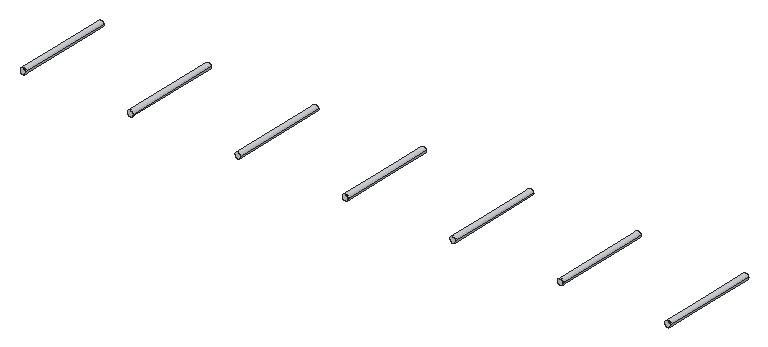
Revit family "Dorn_LD_16-270_A4_p_i_t_4031207", category Generic Models, Revit 2019
Family settings
  Can host rebar = No
  Round Connector Dimension = Use Diameter
  Part Type = Normal
  Work Plane-Based = Yes
  Always vertical = No
  Cut with Voids When Loaded = No
  Shared = No
  Room Calculation Point = No
Parameters (values of type "16/270 A4")
  Website Link [instance] = "https://haucon.dk/produkt/dorn-ld/#variations"
  Total Width = 270 mm
  Total Length [instance] = 2440 mm
  Technical Data Sheet [instance] = "https://haucon.dk/wp-content/uploads/2018/02/TA-Dorn-LD-TI-DK.pdf"
  Model = "1"
  Metal = Stainless Steel A4
  Height Dowel [instance] = 0 mm
  Dowel count [instance] = (Total Length / Distance) - 1  # 7
  Distance from start [instance] = 300 mm
  Distance [instance] = 300 mm
  Diameter = 16 mm
  Default Elevation = 1219.2 mm
Types (5, lengths in mm): name | Website Link | Total Width | Model | Metal | Diameter
  (no name) | "https://haucon.dk/produkt/dorn-ld/#variations" | 270 | "1" | Stainless Steel A4 | 16
  20/320 A4 | "https://haucon.dk/produkt/dorn-ld/#variations" | 320 | 0 | Stainless Steel A4 | 20
  16/270 A4 | "https://haucon.dk/produkt/dorn-ld/#variations" | 270 | "1" | Stainless Steel A4 | 16
  16/270 Zn | "https://haucon.dk/produkt/dorn-ld/#variations" | 270 | 0 | Steel, Galvanized | 16
  20/320 Zn | "https://haucon.dk/produkt/dorn-ld/" | 320 | 0 | Steel, Galvanized | 20
Reference planes
  plane 1 "Center (Front/Back)": y = 0
  plane 2: z = 0
  plane 3 "Center (Left/Right)": x = 0
  plane 4: x = 2440
  plane 5: x = 300
  plane 6: x = 600
  plane 7: x = 900
  plane 8: x = 1200
  plane 9: x = 1500
  plane 10: x = 1800
  plane 11: x = 2100
Dimensions and locks
  equal spacing: group 1, group 2, group 3, group 4, group 5, group 6, group 7  (x3)
  "Total Length": plane 3 "Center (Left/Right)" to plane 4
  "Distance from start": plane 3 "Center (Left/Right)" to plane 5
  "Distance": plane 5 to plane 6
  aligned and locked: level to plane 2
Nested families
  nested 1: "Family1" at (273.576, 0, 0), Diameter <- "Diameter", Height Dowel <- "Height Dowel", Total Width <- "Total Width", type "Family1"
    with Total Width 270 mm, Height Dowel 0 mm, Diameter 16 mm
  nested 2: "Family1" at (573.576, 0, 0), Diameter <- "Diameter", Height Dowel <- "Height Dowel", Total Width <- "Total Width", type "Family1"
    with Total Width 270 mm, Height Dowel 0 mm, Diameter 16 mm
  nested 3: "Family1" at (873.576, 0, 0), Diameter <- "Diameter", Height Dowel <- "Height Dowel", Total Width <- "Total Width", type "Family1"
    with Total Width 270 mm, Height Dowel 0 mm, Diameter 16 mm
  nested 4: "Family1" at (1173.576, 0, 0), Diameter <- "Diameter", Height Dowel <- "Height Dowel", Total Width <- "Total Width", type "Family1"
    with Total Width 270 mm, Height Dowel 0 mm, Diameter 16 mm
  nested 5: "Family1" at (1473.576, 0, 0), Diameter <- "Diameter", Height Dowel <- "Height Dowel", Total Width <- "Total Width", type "Family1"
    with Total Width 270 mm, Height Dowel 0 mm, Diameter 16 mm
  nested 6: "Family1" at (1773.576, 0, 0), Diameter <- "Diameter", Height Dowel <- "Height Dowel", Total Width <- "Total Width", type "Family1"
    with Total Width 270 mm, Height Dowel 0 mm, Diameter 16 mm
  nested 7: "Family1" at (2073.576, 0, 0), Diameter <- "Diameter", Height Dowel <- "Height Dowel", Total Width <- "Total Width", type "Family1"
    with Total Width 270 mm, Height Dowel 0 mm, Diameter 16 mm
Definition of nested family "Family1"
  Parameters (values of type "Family1")
    Total Width [instance] = 320 mm
    Height Dowel [instance] = 100 mm
    Diameter [instance] = 20 mm
    Default Elevation = 1219.2 mm
  Reference planes
    plane 1 "Center (Front/Back)": y = 0
    plane 2: z = 0
    plane 3 "Center (Left/Right)": x = 0
    plane 4: y = 160
    plane 5: y = -160
    plane 6: x = -140
    plane 7: x = 140
    plane 8 "Dowel Height": z = 100
  Forms (mm)
    Extrusion 1, solid
      sketch origin (8.617, 0, 0) x (1, 0, 0) y (0, 0, 1)
        loop
          circle (17.807, 100) r 10
      from -160 to 160
  Dimensions and locks
    plane 6 to plane 7 = 280 mm
    equal spacing: plane 6, plane 3 "Center (Left/Right)", plane 7
    equal spacing: plane 4, plane 1 "Center (Front/Back)", plane 5
    "Total Width": plane 4 to plane 5
    "Height Dowel": plane 8 "Dowel Height" to level
    "Diameter": diameter of Extrusion 1 sketch curve
    aligned and locked: level to plane 2
    aligned and locked: plane 8 "Dowel Height" to Extrusion 1
    aligned and locked: plane 4 to Extrusion 1
    aligned and locked: plane 5 to Extrusion 1
  Automatic sketch dimensions
    Extrusion 1 sketch curve to plane 8 "Dowel Height" = 0 mm
    plane 3 "Center (Left/Right)" to Extrusion 1 sketch curve = 26.424 mm
